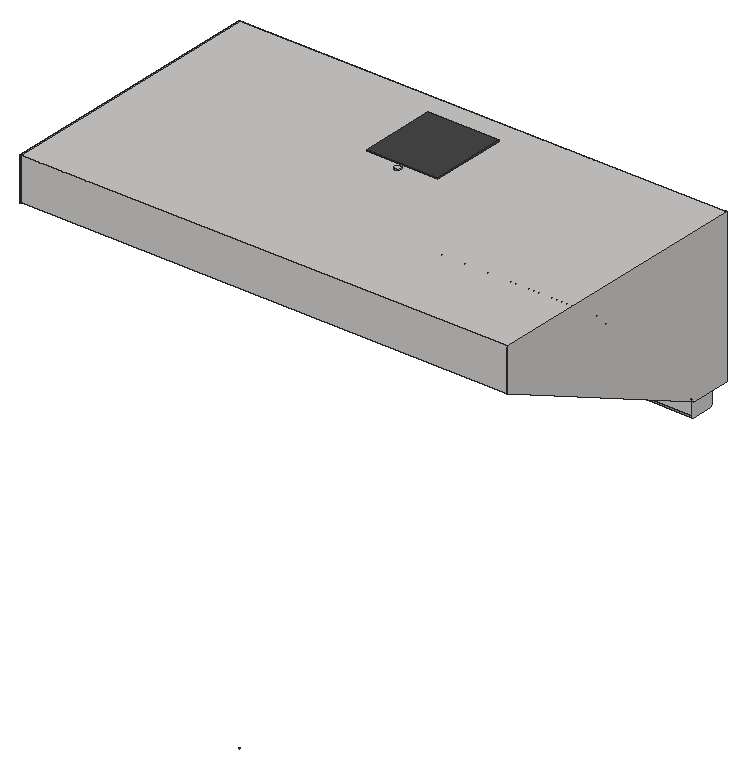
Revit family "QF_ELECTROLUXPROFESSIONAL_644184_AMPV916BT", category Specialty Equipment, Revit 2014
Reference planes
  plane 1: z = 0
  plane 2 "Center (Left/Right)": x = 150
  plane 3 "LEFT": x = -650
  plane 4 "RIGHT": x = 950
  plane 5 "BACK": y = 550
  plane 6 "Plane": z = 2000
  plane 7 "TOP": z = 2140
  plane 8 "Base": z = 1640
  plane 9: z = 1566
  plane 10 "DrainY": y = 485
  plane 11: x = -647
  plane 12: through (0, 414.509, 1640.8) normal (0, 0.7314, 0.682)
  plane 13: y = 470
  plane 14: y = 220
  plane 15 "DrainX": x = 830
  plane 16: x = 33.5
  plane 17: x = 266.5
  plane 18: x = 947
  plane 19: x = 740
  plane 20: x = 920
  plane 21: x = -450
  plane 22: x = 750
  plane 23: x = -47.5
  plane 24: x = 347.5
  plane 25 "Center (Front/Back)": y = 100
  plane 26: y = -350
  plane 27: y = 200
Forms (mm)
  Extrusion 1, solid, material "QF_Finishes_Stainless Steel"
    sketch origin (-650, 0, 0) x (0, 1, 0) y (0, 0, 1)
      loop
        line (550, 1640) -> (550, 2140) -> (-350, 2140) -> (-350, 1998.603) -> (413.973, 1640) -> (550, 1640)
    from 0 to 3
  Extrusion 2, solid, material "QF_Finishes_Stainless Steel"
    sketch origin (150, 0, 0) x (0, 1, 0) y (0, 0, 1)
      loop
        line (415.255, 1640) -> (550, 1640) -> (550, 2139.19) -> (549.2, 2139.19) -> (549.2, 1640.8) -> (415.876, 1640.8) -> (339.347, 1722.867) -> (349.609, 1732.436) -> (348.927, 1733.167) -> (337.934, 1722.917) -> (415.255, 1640)
      loop
        line (-82.203, 2139.19) -> (-82.203, 2118.6) -> (-31.047, 2118.6) -> (34.354, 2048.466) -> (46.028, 2059.352) -> (45.346, 2060.083) -> (34.403, 2049.879) -> (-30.612, 2119.6) -> (-81.203, 2119.6) -> (-81.203, 2139.19) -> (-82.203, 2139.19)
    from -797 to 797
  Extrusion 3, solid, material "QF_Finishes_Stainless Steel"
    sketch origin (950, 0, 0) x (0, 1, 0) y (0, 0, 1)
      loop
        line (550, 1640) -> (550, 2140) -> (-350, 2140) -> (-350, 1998.603) -> (413.973, 1640) -> (550, 1640)
    from 0 to -3
  Extrusion 4, solid, material "QF_Finishes_Stainless Steel"
    sketch origin (150, 0, 0) x (0, 1, 0) y (0, 0, 1)
      loop
        line (-350, 2140) -> (-350, 2000) -> (-349.2, 2000) -> (-349.2, 2139.19) -> (550, 2139.19) -> (550, 2140) -> (-350, 2140)
    from -800 to 800
  Extrusion 5, solid, material "QF_Finishes_Stainless Steel"
    sketch origin (150, 0, 0) x (0, 1, 0) y (0, 0, 1)
      loop
        line (534, 1640) -> (436, 1640) -> (436, 1627) -> (443.5, 1627) -> (443.5, 1576)
        arc (443.5, 1576) -> (446.429, 1568.929) -> (453.5, 1566) r 10
        line (453.5, 1566) -> (516.5, 1566)
        arc (516.5, 1566) -> (523.571, 1568.929) -> (526.5, 1576) r 10
        line (526.5, 1576) -> (526.5, 1627) -> (534, 1627) -> (534, 1640)
    from 590 to 770
  Extrusion 6, solid, material "QF_Finishes_Stainless Steel"
    sketch origin (0, 0, 1640) x (0, 1, 0) y (-1, 0, 0)
      loop
        circle (485, -830) r 20
    from -76 to -74
  Extrusion 7, solid, material "QF_Finished_Chrome"
    sketch origin (150, 0, 0) x (0, 1, 0) y (0, 0, 1)
      loop
        line (337.934, 1722.917) -> (341.591, 1726.327) -> (38.011, 2051.876) -> (34.354, 2048.466) -> (337.934, 1722.917)
    from -197.5 to -600
  Extrusion 8, solid, material "QF_Finishes_Stainless Steel"
    sketch origin (150, 0, 0) x (0, 1, 0) y (0, 0, 1)
      loop
        line (337.934, 1722.917) -> (341.591, 1726.327) -> (38.011, 2051.876) -> (34.354, 2048.466) -> (337.934, 1722.917)
    from 797 to 600
  Extrusion 9, solid, material "QF_Finished_Chrome"
    sketch origin (150, 0, 0) x (0, 1, 0) y (0, 0, 1)
      loop
        line (341.588, 1726.324) -> (38.009, 2051.874) -> (34.354, 2048.466) -> (337.934, 1722.917) -> (341.588, 1726.324)
    from 197.5 to 600
  Extrusion 10, solid, material "QF_Finishes_Black"
    sketch origin (0, 0, 2140) x (0, 1, 0) y (-1, 0, 0)
      loop
        line (470, -266.5) -> (470, -33.5) -> (220, -33.5) -> (220, -266.5) -> (470, -266.5)
    from 5 to 0
  Extrusion 11, solid, material "QF_Finishes_Stainless Steel"
    sketch origin (0, 0, 0) x (1, 0, 0) y (0, 1, 0)
      loop
        line (-650, 550) -> (-650, 549) -> (-649, 549) -> (-649, 550) -> (-650, 550)
    from 0 to 1
  Extrusion 12, solid, material "QF_Finishes_Stainless Steel"
    sketch origin (150, 0, 0) x (0, 1, 0) y (0, 0, 1)
      loop
        line (337.934, 1722.917) -> (341.591, 1726.327) -> (38.011, 2051.876) -> (34.354, 2048.466) -> (337.934, 1722.917)
    from -600 to -797
  Extrusion 13, solid, material "QF_Finishes_Stainless Steel"
    sketch origin (150, 0, 0) x (0, 1, 0) y (0, 0, 1)
      loop
        line (337.934, 1722.917) -> (341.591, 1726.327) -> (38.011, 2051.876) -> (34.354, 2048.466) -> (337.934, 1722.917)
    from 197.5 to -197.5
  Extrusion 14, solid, material "QF_Finishes_Stainless Steel"
    sketch origin (0, 0, 2140) x (0, 1, 0) y (-1, 0, 0)
      loop
        circle (200, -150) r 10
    from 0 to 1.6
Cuts and joins
  joined: Extrusion 2, Extrusion 4
Lines and regions (mm)
  reference lines
    curve 1: line (150, 34.354, 2048.466) -> (150, 34.354, 1888.466)
  symbolic lines, style "SpecialityEquipment", detail levels coarse
    curve 2: line (950, 550, 2140) -> (-650, 550, 2140)
    curve 3: line (-650, 550, 2140) -> (-650, -350, 2140)
    curve 4: line (950, -350, 2140) -> (950, 550, 2140)
    curve 5: line (-650, -350, 2140) -> (950, -350, 2140)
    curve 6: line (266.5, 220, 2140) -> (33.5, 220, 2140)
    curve 7: line (266.5, 470, 2140) -> (266.5, 220, 2140)
    curve 8: line (33.5, 470, 2140) -> (266.5, 470, 2140)
    curve 9: line (33.5, 220, 2140) -> (33.5, 470, 2140)
    curve 10: line (-650, 550, 0) -> (950, -350, 0)
    curve 11: line (950, 550, 0) -> (-650, -350, 0)
Dimensions and locks
  plane 3 "LEFT" to plane 4 "RIGHT" = 1600 mm
  equal spacing: plane 3 "LEFT", plane 2 "Center (Left/Right)", plane 4 "RIGHT"
  locked: plane 6 "Plane" to level at 2000
  plane 7 "TOP" to plane 6 "Plane" = 140 mm
  locked: plane 7 "TOP" to plane 8 "Base" at 500
  plane 8 "Base" to plane 9 = 74 mm
  plane 5 "BACK" to plane 10 "DrainY" = 65 mm  (x2)
  plane 3 "LEFT" to plane 11 = 3 mm
  plane 5 "BACK" to plane 13 = 80 mm
  plane 13 to plane 14 = 250 mm  (x2)
  plane 15 "DrainX" to plane 4 "RIGHT" = 120 mm
  plane 18 to plane 4 "RIGHT" = 3 mm
  locked: plane 19 to plane 15 "DrainX" at 90
  locked: plane 15 "DrainX" to plane 20 at 90
  plane 13 to plane 5 "BACK" = 80 mm
  plane 3 "LEFT" to plane 21 = 200 mm
  plane 22 to plane 4 "RIGHT" = 200 mm
  locked: plane 23 to plane 24 at 395
  equal spacing: plane 23, plane 2 "Center (Left/Right)", plane 24
  locked: plane 16 to plane 17 at 233
  equal spacing: plane 16, plane 2 "Center (Left/Right)", plane 17
  locked: plane 5 "BACK" to plane 26 at 900
  equal spacing: plane 5 "BACK", plane 25 "Center (Front/Back)", plane 26
  plane 14 to plane 26 = 570 mm
  plane 5 "BACK" to plane 26 = 900 mm
  plane 14 to plane 27 = 20 mm
  aligned and locked: level to plane 1
  aligned and locked: Extrusion 2 to Extrusion 1
  aligned and locked: Extrusion 2 to Extrusion 3
  aligned and locked: plane 4 "RIGHT" to Extrusion 4
  aligned and locked: Extrusion 4 to plane 3 "LEFT"
  aligned and locked: plane 18 to Extrusion 8
  aligned and locked: Extrusion 10 to plane 16
  aligned and locked: Extrusion 10 to plane 14
  aligned and locked: Extrusion 10 to plane 13
  aligned and locked: Extrusion 2 to Extrusion 4
  aligned and locked: plane 20 to Extrusion 5
  aligned and locked: Extrusion 5 to plane 19
  aligned and locked: Extrusion 8 to plane 22
  aligned and locked: Extrusion 9 to plane 22
  aligned and locked: Extrusion 7 to plane 21
  aligned and locked: Extrusion 12 to plane 11
  aligned and locked: plane 21 to Extrusion 12
  aligned and locked: Extrusion 3 to plane 18
  aligned and locked: Extrusion 10 to plane 17
  aligned and locked: plane 17 to curve 7
  aligned and locked: plane 24 to Extrusion 13
  aligned and locked: Extrusion 13 to plane 23
  aligned and locked: Extrusion 9 to plane 24
Automatic sketch dimensions
  curve 5 to plane 4 "RIGHT" = 0 mm
  curve 6 to plane 14 = 0 mm
  plane 13 to curve 8 = 0 mm
  curve 3 to plane 3 "LEFT" = 0 mm
  curve 3 to plane 5 "BACK" = 0 mm
  curve 6 to plane 16 = 0 mm
  Extrusion 2 sketch curve to plane 12 = 0 mm  (x3)
  Extrusion 2 sketch curve to plane 8 "Base" = 0 mm
  plane 12 to Extrusion 2 sketch curve = 0 mm
  Extrusion 2 sketch curve to plane 5 "BACK" = 0 mm
  Extrusion 2 sketch curve to Extrusion 2 sketch curve = 65.646 mm
  Extrusion 2 sketch curve to Extrusion 2 sketch curve = 0.682 mm  (x2)
  Extrusion 2 sketch curve to Extrusion 2 sketch curve = 10.261 mm
  plane 8 "Base" to Extrusion 2 sketch curve = 82.917 mm
  Extrusion 2 sketch curve to Extrusion 2 sketch curve = 10.942 mm
  Extrusion 2 sketch curve to Extrusion 2 sketch curve = 0.049 mm
  Extrusion 2 sketch curve to plane 7 "TOP" = 20.4 mm
  Extrusion 2 sketch curve to plane 7 "TOP" = 21.4 mm
  Extrusion 2 sketch curve to plane 7 "TOP" = 0.81 mm  (x2)
  Extrusion 2 sketch curve to Extrusion 2 sketch curve = 50.156 mm
  Extrusion 2 sketch curve to Extrusion 2 sketch curve = 1 mm
  plane 8 "Base" to Extrusion 2 sketch curve = 0.8 mm
  Extrusion 2 sketch curve to plane 5 "BACK" = 0.8 mm
  Extrusion 4 sketch curve to plane 6 "Plane" = 0 mm
  Extrusion 4 sketch curve to plane 5 "BACK" = 0 mm
  Extrusion 4 sketch curve to plane 7 "TOP" = 0 mm
  Extrusion 4 sketch curve to plane 7 "TOP" = 0.81 mm
  curve 1 to plane 12 = 0 mm
  curve 1 to plane 6 "Plane" = 111.534 mm
  Extrusion 5 sketch curve to plane 8 "Base" = 0 mm
  Extrusion 5 sketch curve to plane 9 = 0 mm
  Extrusion 5 sketch curve to plane 8 "Base" = 13 mm  (x2)
  plane 13 to Extrusion 5 sketch curve = 34 mm
  Extrusion 5 sketch curve to Extrusion 5 sketch curve = 7.5 mm  (x2)
  Extrusion 5 sketch curve to Extrusion 5 sketch curve = 10 mm
  plane 10 "DrainY" to Extrusion 5 sketch curve = 31.5 mm
  Extrusion 5 sketch curve to plane 5 "BACK" = 23.5 mm
  Extrusion 6 sketch curve to plane 10 "DrainY" = 0 mm
  Extrusion 6 sketch curve to plane 15 "DrainX" = 0 mm
  Extrusion 7 sketch curve to plane 12 = 0 mm  (x2)
  Extrusion 7 sketch curve to Extrusion 7 sketch curve = 3.657 mm
  plane 8 "Base" to Extrusion 7 sketch curve = 82.917 mm
  Extrusion 8 sketch curve to plane 12 = 0 mm  (x2)
  Extrusion 8 sketch curve to Extrusion 8 sketch curve = 3.657 mm
  plane 8 "Base" to Extrusion 8 sketch curve = 82.917 mm
  Extrusion 9 sketch curve to plane 12 = 0 mm  (x2)
  Extrusion 9 sketch curve to Extrusion 9 sketch curve = 3.655 mm
  plane 8 "Base" to Extrusion 9 sketch curve = 82.917 mm
  Extrusion 10 sketch curve to plane 14 = 0 mm
  plane 13 to Extrusion 10 sketch curve = 0 mm
  Extrusion 10 sketch curve to plane 17 = 0 mm
  Extrusion 10 sketch curve to plane 16 = 0 mm
  Extrusion 11 sketch curve to plane 3 "LEFT" = 0 mm
  Extrusion 11 sketch curve to plane 5 "BACK" = 0 mm
  plane 3 "LEFT" to Extrusion 11 sketch curve = 1 mm
  Extrusion 11 sketch curve to Extrusion 11 sketch curve = 1 mm
  Extrusion 12 sketch curve to plane 12 = 0 mm  (x2)
  Extrusion 12 sketch curve to Extrusion 12 sketch curve = 3.657 mm
  plane 8 "Base" to Extrusion 12 sketch curve = 82.917 mm
  Extrusion 13 sketch curve to plane 12 = 0 mm  (x2)
  Extrusion 13 sketch curve to Extrusion 13 sketch curve = 3.657 mm
  plane 8 "Base" to Extrusion 13 sketch curve = 82.917 mm
  Extrusion 4 sketch curve to Extrusion 4 sketch curve = 0.8 mm
  curve 5 to plane 14 = 570 mm
  plane 6 "Plane" to Extrusion 2 sketch curve = 48.466 mm
  Extrusion 4 sketch curve to plane 14 = 569.2 mm
  curve 1 to plane 14 = 185.646 mm
  plane 6 "Plane" to Extrusion 7 sketch curve = 51.876 mm
  plane 6 "Plane" to Extrusion 8 sketch curve = 51.876 mm
  plane 6 "Plane" to Extrusion 9 sketch curve = 51.874 mm
  plane 6 "Plane" to Extrusion 12 sketch curve = 51.876 mm
  plane 6 "Plane" to Extrusion 13 sketch curve = 51.876 mm
  Extrusion 3 sketch curve to plane 5 "BACK" = 0 mm
  Extrusion 1 sketch curve to plane 26 = 0 mm
  Extrusion 1 sketch curve to plane 8 "Base" = 0 mm
  Extrusion 1 sketch curve to plane 5 "BACK" = 0 mm
  Extrusion 1 sketch curve to plane 7 "TOP" = 0 mm
  plane 13 to Extrusion 1 sketch curve = 56.027 mm
  Extrusion 1 sketch curve to plane 6 "Plane" = 1.397 mm
  Extrusion 3 sketch curve to plane 8 "Base" = 0 mm
  plane 13 to Extrusion 3 sketch curve = 56.027 mm
  Extrusion 3 sketch curve to plane 26 = 0 mm
  Extrusion 3 sketch curve to plane 6 "Plane" = 1.397 mm
  Extrusion 3 sketch curve to plane 7 "TOP" = 0 mm
  curve 11 to plane 3 "LEFT" = 0 mm
  curve 10 to plane 3 "LEFT" = 0 mm
  curve 11 to plane 4 "RIGHT" = 0 mm
  curve 10 to plane 4 "RIGHT" = 0 mm
  curve 10 to plane 26 = 0 mm
  curve 11 to plane 26 = 0 mm
  curve 11 to plane 5 "BACK" = 0 mm
  curve 10 to plane 5 "BACK" = 0 mm
  Extrusion 14 sketch curve to plane 2 "Center (Left/Right)" = 0 mm
  Extrusion 14 sketch curve to plane 27 = 0 mm
  radius of Extrusion 6 sketch curve = 20 mm
  radius of Extrusion 14 sketch curve = 10 mm
Connectors
  piping at (830, 485, 1564), diameter 20
    settings: on Extrusion 6, index 1, connector inside diameter 609.6 mm, connector length 0 mm, flow factor 0, pipe flow 0.0 L/s, pressure drop 0.0 Pa, fitting loss kfactor 0, connector angle 0.00°, fixture units 0, engagement length 0 mm, angle of deflection 0.00°, flow configuration 1, flow direction 2, fitting loss method 0, system type 16, joint type 0, gender type 0, connector reference index -1, connector utility 0, adjustable connector no, is connector primary yes, connector description "Drain"
  hvac at (150, 345, 2145)
    settings: on Extrusion 10, index 2, duct flow 0.0 L/s, flow factor 0, pres drop 0.0 Pa, loss coef 0, conn angle 0.00°, conn width 250 mm, conn height 233 mm, conn diameter 609.6 mm, duct sys type 3, conn prof type 1, flow config 1, flow direction 0, loss method 0, conn ref index -1, conn util no, is conn primary yes, conn desc "EXHAUST OUTLET"
  electrical at (150, 200, 2141.6)
    settings: on Extrusion 14, index 3, voltage 0 V, apparent load 0 VA, apparent load phase1 0 VA, apparent load phase2 0 VA, apparent load phase3 0 VA, power factor 1, load classification "Other", number of poles 1, system type 30, power factor state 1, is connector primary yes, connector utility no, sub classification motor no, connector description "Electrical Connection"
